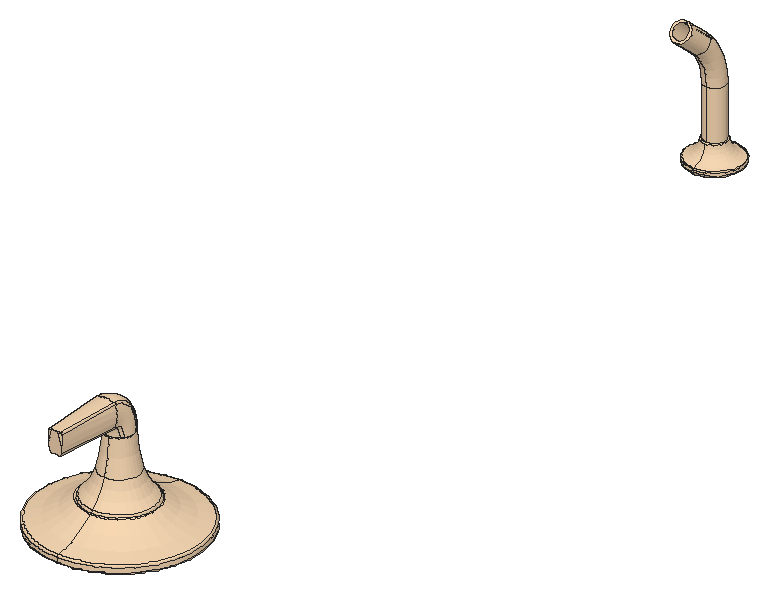
Revit family "Shower-Shower_Trim-KOHLER-Tempered-K-TLS22029", category Plumbing Fixtures, host Face, Revit 2022
Family settings
  Host = Face
  Round Connector Dimension = Use Diameter
  Part Type = Normal
  OmniClass Number = 23.31.17.00
  OmniClass Title = Showers
  Cut with Voids When Loaded = No
  Maintain Annotation Orientation = No
  Shared = No
  Room Calculation Point = No
Parameters (values of type "2MB-Vibrant Brushed Moderne Brass")
  Width = 6.25984"  # constant formula
  WaterSense Certified = 1 = 0  # no
  Waste Water Outlet = "Waste Water Outlet"  # constant formula
  Waste Connection = 1 = 0  # no
  Vent Connection = 1 = 0  # no
  URL = "https://www.us.kohler.com/us/"
  Type = 1
  Tempered Water Inlet = "Tempered Water Inlet"  # constant formula
  Product Page URL = "https://www.us.kohler.com/us/catalog/productDetails.jsp?productId=TLS22029-4"
  Product Name = "Tempered"  # constant formula
  Product Documentation Link = "https://www.us.kohler.com/webassets/kpna/catalog/pdf/en/K-TLS22029-4_spec_US-CA_Kohler_en.pdf"
  Pressure = 0.00 psi
  Model = if(Type = 1, "K-TLS22029-4-2MB", if(Type = 2, "K-TLS22029-4-BL", if(Type = 3, "K-TLS22029-4-BN", if(Type = 4, "K-TLS22029-4-CP", if(Type = 5, "K-TLS22029-4-SN", " NA ")))))  # "K-TLS22029-4-2MB"
  Material = "Premium Metal Construction"  # constant formula
  Master Format 2014 Name = "Residential Showers"  # constant formula
  Master Format 2014 = "22 42 23"  # constant formula
  Manufacturer Address = "444 Highland Dr, Kohler, WI 53044"  # constant formula
  Manufacturer = "Kohler Co."  # constant formula
  Length = 5.3937"  # constant formula
  Hot Water Inlet = "Hot Water Inlet"  # constant formula
  Height = 6.25984"  # constant formula
  Handle Clearance = 3.26772"  # constant formula
  HW Connection = 1 = 1  # yes
  Flow Rate = 0 GPM
  Finish = Kohler-Metal-2MB-Vibrant_Brushed_Moderne_Brass
  Environmental Product Declaration = ""
  Drain Included = 1 = 0  # no
  Distance To Showerarm [instance] = 30"
  Description = "Rite-Temp shower trim set, less showerhead"  # constant formula
  Default Elevation = 42"
  Declare Label = ""
  Date Modified = "04/15/2022"  # constant formula
  Date Created = "04/15/2022"  # constant formula
  Copyright = "Copyright Kohler Co."  # constant formula
  Contact Us = "https://www.us.kohler.com/us/static/contact.jsp"
  Cold Water Inlet = "Cold Water Inlet"  # constant formula
  CW Connection = 1 = 0  # no
  Assembly Code = "D2010700"
  ADA Compliant = 1 = 0  # no
Types (6): name | Type | Model | Finish
  (no name) | 1 | "K-TLS22029-4-2MB" | Kohler-Metal-2MB-Vibrant_Brushed_Moderne_Brass
  CP-Polished Chrome | 4 | "K-TLS22029-4-CP" | Kohler-Metal-CP-Polished_Chrome
  SN-Vibrant Polished Nickel | 5 | "K-TLS22029-4-SN" | Kohler-Metal-SN-Vibrant_Polished_Nickel
  BN-Vibrant Brushed Nickel | 3 | "K-TLS22029-4-BN" | Kohler-Metal-BN-Vibrant_Brushed_Nickel
  BL-Matte Black | 2 | "K-TLS22029-4-BL" | Kohler-Metal-BL-Matte_Black
  2MB-Vibrant Brushed Moderne Brass | 1 | "K-TLS22029-4-2MB" | Kohler-Metal-2MB-Vibrant_Brushed_Moderne_Brass
Reference planes (in)
  plane 1 "Center (Front/Back)": y = 0
  plane 2: z = 0
  plane 3 "Center (Left/Right)": x = 0
  plane 4: y = -30
  plane 5: x = 3.12992
  plane 6: x = -3.12992
  plane 7: y = -33.26772
  plane 8: y = -26.87008
  plane 9: x = -1.06299
  plane 10: x = 1.06299
  plane 11: y = 1.06299
  plane 12: y = -1.06299
  plane 13: y = -1.69291
  plane 14: z = 5.3937
  plane 15: z = 4.92126
  plane 16: y = -33.12992
  plane 17: z = 5.69823
  plane 18: z = 5.08917
Dimensions and locks (in)
  plane 12 to plane 1 "Center (Front/Back)" to plane 11 = 1.06299", 1.06299"
  plane 13 to plane 1 "Center (Front/Back)" = 1.69291"
  plane 16 to plane 4 to plane 8 = 3.12992", 3.12992"
  plane 7 to plane 4 = 3.26772"
  "Distance To Showerarm": plane 4 to plane 1 "Center (Front/Back)"
  "Width": plane 6 to plane 5
  "Length": plane 14 to level
  "Height": plane 16 to plane 8
  "Handle Clearance": plane 4 to plane 7
  plane 15 to level = 4.92126"
  aligned and locked: plane 2 to host face
  aligned and locked: level to host face
  aligned and locked: plane 4 to nested 1
  aligned and locked: plane 3 "Center (Left/Right)" to nested 1
  aligned and locked: plane 1 "Center (Front/Back)" to nested 2
  aligned and locked: plane 3 "Center (Left/Right)" to nested 2
Automatic sketch dimensions
  host sketch curve to host sketch curve = 96"  (x2)
Nested families (in)
  nested 1: "K-TLS22029_Valve_Trim" at (0, -30, 0), type "K-TLS22029_Valve_Trim"
  nested 2: "K-TLS22029_Showerarm" at (0, 0, 0), type "K-TLS22029_Showerarm"
Connectors (in)
  piping at (0, 0, 0), diameter 0.5, driven by "Tempered Water Inlet", driven by "HW Connection"
    settings: on nested 2, index 1, connector inside diameter 24", connector length 0", flow factor 0, pipe flow 0 GPM, pressure drop 0.00 psi, fitting loss kfactor 0, connector angle 0.00°, fixture units 0, engagement length 0", angle of deflection 0.00°, flow configuration 0, flow direction 1, fitting loss method 0, system type 19, joint type 0, gender type 0, connector reference index -1, connector utility 1, adjustable connector no, is connector primary yes, connector description "Tempered Water Inlet"
Definition of nested family "K-TLS22029_Valve_Trim"
  Parameters (values of type "K-TLS22029_Valve_Trim")
    Material = none
    Default Elevation = 0"
  Reference planes (in)
    plane 1 "Center (Front/Back)": y = 0
    plane 2: z = 0
    plane 3 "Center (Left/Right)": x = 0
    plane 4: y = -3.26772
    plane 5: z = 4.92126
    plane 6: y = -3.12992
    plane 7: y = 3.12992
    plane 8: x = -3.12992
    plane 9: x = 3.12992
  Forms (in)
    Revolve 1, solid, material <- "Material", detail levels medium+fine
      sketch origin (0, 0, 0) x (0, 1, 0) y (0, 0, 1)
        loop
          line (0, 0) -> (3.11024, 0)
          arc (3.11024, 0) -> (3.12416, 0.00577) -> (3.12992, 0.01969) r 0.01969
          line (3.12992, 0.01969) -> (3.12992, 0.21063)
          arc (3.12992, 0.21063) -> (3.11092, 0.26192) -> (3.0631, 0.28846) r 0.07874
          arc (3.0631, 0.28846) -> (2.20079, 0.54517) -> (1.44047, 1.0262) r 3.28499
          arc (1.44047, 1.0262) -> (1.40887, 1.03643) -> (1.37918, 1.02155) r 0.04383
          arc (1.37918, 1.02155) -> (1.3632, 1.07828) -> (1.3282, 1.12569) r 0.16393
          arc (1.3282, 1.12569) -> (0.97785, 1.55874) -> (0.75714, 2.07019) r 2.04804
          arc (0.75714, 2.07019) -> (0.60927, 2.75077) -> (0.53984, 3.44376) r 6.10809
          arc (0.53984, 3.44376) -> (0.5311, 3.46309) -> (0.51142, 3.471) r 0.02845
          line (0.51142, 3.471) -> (0.40982, 3.471) -> (0.40982, 3.50213) -> (0, 3.50213) -> (0, 0)
        axis (0, 3.50213) -> (0, 0)
      angle from 0 to 360
    SweptBlend 2, solid, material <- "Material", detail levels medium+fine
      path origin (0, 0, 0) x (0, 1, 0) y (0, 0, 1)
        loop
          spline (0, 3.48195) -> (-0.00493, 3.6178) -> (-0.01963, 3.74353) -> (-0.04398, 3.85881) -> (-0.07787, 3.96334) -> (-0.12116, 4.05677) -> (-0.17374, 4.1388) -> (-0.23548, 4.2091) -> (-0.30627, 4.26733) -> (-0.38597, 4.31319) -> (-0.47447, 4.34635) -> (-0.57164, 4.36648) -> (-0.67737, 4.37326)
      profile origin (0, 0, 3.48195) x (0, -1, 0) y (1, 0, 0)
        loop
          arc (-0.30517, -0.44397) -> (-0.25394, -0.47513) -> (-0.19957, -0.50041) r 0.53874
          arc (-0.19957, -0.50041) -> (0.05317, -0.53611) -> (0.29397, -0.45146) r 0.53874
          arc (0.29397, -0.45146) -> (0.35456, -0.40562) -> (0.40809, -0.35171) r 0.53874
          arc (0.40809, -0.35171) -> (0.5387, 0.00614) -> (0.39997, 0.36092) r 0.53874
          arc (0.39997, 0.36092) -> (0.35064, 0.40901) -> (0.29557, 0.45042) r 0.53874
          arc (0.29557, 0.45042) -> (0.06109, 0.53526) -> (-0.18648, 0.50543) r 0.53874
          arc (-0.18648, 0.50543) -> (-0.23201, 0.48622) -> (-0.27559, 0.46291) r 0.53874
          arc (-0.27559, 0.46291) -> (-0.53845, 0.01756) -> (-0.30517, -0.44397) r 0.53874
      end profile origin (0, -0.67737, 4.37326) x (0, 0, -1) y (1, 0, 0)
        loop
          arc (0.43755, -0.35872) -> (0.48248, -0.32842) -> (0.50915, -0.28124) r 0.11811
          arc (0.50915, -0.28124) -> (0.54892, 0.00069) -> (0.50757, 0.28241) r 0.99932
          arc (0.50757, 0.28241) -> (0.48081, 0.32924) -> (0.43602, 0.35929) r 0.11811
          arc (0.43602, 0.35929) -> (0.00484, 0.44326) -> (-0.42987, 0.38016) r 1.31174
          arc (-0.42987, 0.38016) -> (-0.46143, 0.36083) -> (-0.48068, 0.32922) r 0.07874
          arc (-0.48068, 0.32922) -> (-0.53307, 0.00175) -> (-0.48579, -0.3265) r 1.10337
          arc (-0.48579, -0.3265) -> (-0.46673, -0.35874) -> (-0.43493, -0.37852) r 0.07874
          arc (-0.43493, -0.37852) -> (0.00301, -0.4433) -> (0.43755, -0.35872) r 1.31174
    Blend 3, solid, material <- "Material", detail levels medium+fine
      base sketch origin (0, 0, 0) x (1, 0, 0) y (0, 0, 1)
        loop
          arc (-0.37987, 4.80404) -> (-0.44347, 4.37933) -> (-0.36651, 3.95683) r 1.31179
          arc (-0.36651, 3.95683) -> (-0.32481, 3.89406) -> (-0.25872, 3.85784) r 0.15748
          arc (-0.25872, 3.85784) -> (0.00076, 3.82433) -> (0.26005, 3.85933) r 0.99933
          arc (0.26005, 3.85933) -> (0.32566, 3.89568) -> (0.36702, 3.95826) r 0.15748
          arc (0.36702, 3.95826) -> (0.44348, 4.37961) -> (0.38016, 4.80313) r 1.31179
          arc (0.38016, 4.80313) -> (0.36083, 4.83469) -> (0.32922, 4.85393) r 0.07874
          arc (0.32922, 4.85393) -> (0.00396, 4.90631) -> (-0.32227, 4.86032) r 1.10337
          arc (-0.32227, 4.86032) -> (-0.35801, 4.83929) -> (-0.37987, 4.80404) r 0.08655
      top sketch origin (0, 0, 0) x (1, 0, 0) y (0, 0, 1)
        loop
          line (-0.24975, 4.76708) -> (-0.21539, 4.1115)
          arc (-0.21539, 4.1115) -> (-0.17734, 4.03411) -> (-0.09508, 4.00822) r 0.10956
          arc (-0.09508, 4.00822) -> (-0.0031, 4.01222) -> (0.08874, 4.00588) r 0.81887
          arc (0.08874, 4.00588) -> (0.17324, 4.03069) -> (0.21259, 4.10948) r 0.11024
          line (0.21259, 4.10948) -> (0.24707, 4.76733)
          arc (0.24707, 4.76733) -> (0.22461, 4.82663) -> (0.16573, 4.85014) r 0.07874
          arc (0.16573, 4.85014) -> (-0.00139, 4.8472) -> (-0.16852, 4.8499) r 4.95676
          arc (-0.16852, 4.8499) -> (-0.22733, 4.82634) -> (-0.24975, 4.76708) r 0.07874
      from 0.67737 to 3.88779
    Extrusion 4, void
      sketch origin (0, 0, 0) x (1, 0, 0) y (0, 1, 0)
        loop
          line (-1.3469, -3.97535) -> (1.01531, -3.97535) -> (1.01531, -3.1194) -> (0.4872, -3.1194)
          arc (0.4872, -3.1194) -> (-0.00493, -3.26773) -> (-0.49705, -3.1194) r 0.89053
          line (-0.49705, -3.1194) -> (-1.3469, -3.1194) -> (-1.3469, -3.97535)
      from 2.16678 to 6.33154
    Revolve 5, solid, material <- "Material", detail levels coarse
      sketch origin (0, 0, 0) x (0, 1, 0) y (0, 0, 1)
        loop
          line (0, 0) -> (3.12992, 0) -> (3.12992, 0.31954) -> (1.45648, 1.0646) -> (0.54867, 3.44296) -> (0.54867, 4.92126) -> (0, 4.92126) -> (0, 0)
        axis (0, 4.92126) -> (0, 0)
      angle from 0 to 360
    Blend 6, solid, material <- "Material", detail levels coarse
      base sketch origin (0, 0, 0) x (1, 0, 0) y (0, 0, 1)
        loop
          line (-0.48314, 4.92126) -> (-0.48314, 3.81195) -> (0.50946, 3.81195) -> (0.50946, 4.92126) -> (-0.48314, 4.92126)
      top sketch origin (0, 0, 0) x (1, 0, 0) y (0, 0, 1)
        loop
          line (-0.28161, 4.8722) -> (-0.28161, 3.96659) -> (0.30894, 3.96659) -> (0.30894, 4.8722) -> (-0.28161, 4.8722)
      from 0.03601 to 3.26772
    Extrusion 7, void
      sketch origin (0, 0, 0) x (0, 1, 0) y (0, 0, 1)
        loop
          line (-3.26379, 4.92126) -> (-3.56326, 4.92126) -> (-3.56326, 3.41374) -> (-3.15662, 3.41374) -> (-3.26379, 4.92126)
      from -0.46457 to 0.90244
  Cuts and joins
    Extrusion 4, Extrusion 7 cuts Blend 3
    joined: Revolve 1, SweptBlend 2
  Lines and regions (in)
    Masking region 1
      outline origin (0, 0, 0) x (1, 0, 0) y (0, 1, 0)
        loop
          arc (0.28243, -3.11643) -> (-0.00239, 3.12992) -> (-0.2872, -3.11643) r 3.12967
          line (-0.2872, -3.11643) -> (-0.28302, -3.17894)
          arc (-0.28302, -3.17894) -> (-0.269, -3.21465) -> (-0.23697, -3.23574) r 0.06341
          arc (-0.23697, -3.23574) -> (-0.01687, -3.26816) -> (0.20424, -3.2435) r 0.86683
          arc (0.20424, -3.2435) -> (0.25768, -3.21004) -> (0.2806, -3.1513) r 0.10032
          line (0.2806, -3.1513) -> (0.28243, -3.11643)
    Masking region 2
      outline origin (0, 0, 0) x (1, 0, 0) y (0, 0, 1)
        loop
          line (-3.11024, 0) -> (3.10714, 0)
          arc (3.10714, 0) -> (3.12325, 0.00667) -> (3.12992, 0.02278) r 0.02278
          line (3.12992, 0.02278) -> (3.12992, 0.20988)
          arc (3.12992, 0.20988) -> (3.1113, 0.26036) -> (3.06436, 0.28665) r 0.07773
          arc (3.06436, 0.28665) -> (2.22155, 0.54026) -> (1.47707, 1.00973) r 3.26579
          arc (1.47707, 1.00973) -> (1.4331, 1.03294) -> (1.38348, 1.036) r 0.11811
          arc (1.38348, 1.036) -> (1.34905, 1.10744) -> (1.29369, 1.16423) r 0.24616
          arc (1.29369, 1.16423) -> (0.96138, 1.62173) -> (0.74219, 2.14298) r 2.46237
          arc (0.74219, 2.14298) -> (0.59943, 2.78786) -> (0.5416, 3.44583) r 5.07618
          arc (0.5416, 3.44583) -> (0.53385, 3.46366) -> (0.51585, 3.471) r 0.02575
          line (0.51585, 3.471) -> (0.40982, 3.471) -> (0.40982, 3.50213) -> (0.52028, 3.50213)
          arc (0.52028, 3.50213) -> (0.53444, 3.50814) -> (0.53995, 3.52251) r 0.01969
          arc (0.53995, 3.52251) -> (0.50529, 4.02866) -> (0.43704, 4.53139) r 7.62285
          arc (0.43704, 4.53139) -> (0.41826, 4.6583) -> (0.39311, 4.7841) r 2.54791
          arc (0.39311, 4.7841) -> (0.37042, 4.82749) -> (0.32922, 4.85393) r 0.0955
          arc (0.32922, 4.85393) -> (-0.00686, 4.92129) -> (-0.34293, 4.85393) r 0.87213
          arc (-0.34293, 4.85393) -> (-0.37511, 4.82411) -> (-0.39311, 4.7841) r 0.11027
          arc (-0.39311, 4.7841) -> (-0.41826, 4.6583) -> (-0.43704, 4.53139) r 2.54791
          arc (-0.43704, 4.53139) -> (-0.50529, 4.02866) -> (-0.53995, 3.52251) r 7.62285
          arc (-0.53995, 3.52251) -> (-0.53444, 3.50814) -> (-0.52028, 3.50213) r 0.01969
          line (-0.52028, 3.50213) -> (-0.40982, 3.50213) -> (-0.40982, 3.471) -> (-0.51585, 3.471)
          arc (-0.51585, 3.471) -> (-0.53385, 3.46366) -> (-0.5416, 3.44583) r 0.02575
          arc (-0.5416, 3.44583) -> (-0.59943, 2.78786) -> (-0.74219, 2.14298) r 5.07618
          arc (-0.74219, 2.14298) -> (-0.96138, 1.62173) -> (-1.29369, 1.16423) r 2.46237
          arc (-1.29369, 1.16423) -> (-1.34905, 1.10744) -> (-1.38348, 1.036) r 0.24616
          arc (-1.38348, 1.036) -> (-1.4331, 1.03294) -> (-1.47707, 1.00973) r 0.11811
          arc (-1.47707, 1.00973) -> (-2.22155, 0.54026) -> (-3.06436, 0.28665) r 3.26579
          arc (-3.06436, 0.28665) -> (-3.1113, 0.26036) -> (-3.12992, 0.20988) r 0.07773
          line (-3.12992, 0.20988) -> (-3.12992, 0.01969)
          arc (-3.12992, 0.01969) -> (-3.12416, 0.00577) -> (-3.11024, 0) r 0.01969
    Masking region 3
      outline origin (0, 0, 0) x (0, 1, 0) y (0, 0, 1)
        loop
          arc (3.11024, 0) -> (3.12416, 0.00577) -> (3.12992, 0.01969) r 0.01969
          line (3.12992, 0.01969) -> (3.12992, 0.19717)
          arc (3.12992, 0.19717) -> (3.10086, 0.27476) -> (3.02798, 0.31416) r 0.11811
          arc (3.02798, 0.31416) -> (2.19178, 0.55414) -> (1.45648, 1.01905) r 3.06974
          arc (1.45648, 1.01905) -> (1.43981, 1.02995) -> (1.42094, 1.03633) r 0.07874
          line (1.42094, 1.03633) -> (1.37926, 1.03633)
          arc (1.37926, 1.03633) -> (1.36122, 1.08615) -> (1.3281, 1.12752) r 0.16238
          arc (1.3281, 1.12752) -> (0.86704, 1.80421) -> (0.64503, 2.59237) r 2.54202
          arc (0.64503, 2.59237) -> (0.58069, 3.01296) -> (0.54867, 3.43724) r 5.56616
          arc (0.54867, 3.43724) -> (0.53806, 3.46099) -> (0.51394, 3.47071) r 0.03476
          line (0.51394, 3.47071) -> (0.40982, 3.47071) -> (0.40982, 3.50317) -> (0.51737, 3.50317)
          arc (0.51737, 3.50317) -> (0.53176, 3.50943) -> (0.537, 3.52422) r 0.01969
          line (0.537, 3.52422) -> (0.52037, 3.76256)
          arc (0.52037, 3.76256) -> (0.42601, 4.27171) -> (0.14664, 4.70771) r 1.34774
          arc (0.14664, 4.70771) -> (-0.01257, 4.82724) -> (-0.20176, 4.88925) r 0.61105
          arc (-0.20176, 4.88925) -> (-0.43888, 4.9155) -> (-0.67737, 4.92138) r 2.78742
          line (-0.67737, 4.92138) -> (-3.19041, 4.87573)
          arc (-3.19041, 4.87573) -> (-3.24729, 4.84991) -> (-3.26747, 4.79079) r 0.07874
          line (-3.26747, 4.79079) -> (-3.20685, 4.02508)
          arc (-3.20685, 4.02508) -> (-3.18329, 3.97488) -> (-3.13248, 3.95266) r 0.07874
          line (-3.13248, 3.95266) -> (-0.64068, 3.82207)
          arc (-0.64068, 3.82207) -> (-0.56939, 3.78921) -> (-0.5403, 3.71629) r 0.10592
          line (-0.5403, 3.71629) -> (-0.5403, 3.52332)
          arc (-0.5403, 3.52332) -> (-0.53454, 3.5094) -> (-0.52062, 3.50364) r 0.01969
          line (-0.52062, 3.50364) -> (-0.40933, 3.50364) -> (-0.40933, 3.47071) -> (-0.51394, 3.47071)
          arc (-0.51394, 3.47071) -> (-0.53806, 3.46099) -> (-0.54867, 3.43724) r 0.03476
          arc (-0.54867, 3.43724) -> (-0.58069, 3.01296) -> (-0.64503, 2.59237) r 5.56616
          arc (-0.64503, 2.59237) -> (-0.86704, 1.80421) -> (-1.3281, 1.12752) r 2.54202
          arc (-1.3281, 1.12752) -> (-1.36122, 1.08615) -> (-1.37926, 1.03633) r 0.16238
          line (-1.37926, 1.03633) -> (-1.42094, 1.03633)
          arc (-1.42094, 1.03633) -> (-1.43981, 1.02995) -> (-1.45648, 1.01905) r 0.07874
          arc (-1.45648, 1.01905) -> (-2.19178, 0.55414) -> (-3.02798, 0.31416) r 3.06974
          arc (-3.02798, 0.31416) -> (-3.10086, 0.27476) -> (-3.12992, 0.19717) r 0.11811
          line (-3.12992, 0.19717) -> (-3.12992, 0.01969)
          arc (-3.12992, 0.01969) -> (-3.12416, 0.00577) -> (-3.11024, 0) r 0.01969
          line (-3.11024, 0) -> (3.11024, 0)
    symbolic lines, detail levels medium+fine
      curve 1: arc (-0.40247, -1.31914, 0) -> (0.00067, 1.37917, 0) -> (0.40119, -1.31953, 0) r 1.37918
      curve 2: line (-0.2872, -3.11643, 0) -> (-0.4702, -0.26324, 0)
      curve 3: line (0.28243, -3.11643, 0) -> (0.47114, -0.26128, 0)
      curve 4: arc (-0.11004, 0.52738, 0) -> (0.4337, 0.3196, 0) -> (0.47114, -0.26128, 0) r 0.53874
      curve 5: arc (-0.4702, -0.26324, 0) -> (-0.49034, 0.22328, 0) -> (-0.11004, 0.52738, 0) r 0.53884
      curve 6: line (-0.40982, 0, 3.471) -> (0.40982, 0, 3.471)
      curve 7: line (-0.40982, 0, 3.50213) -> (0.40982, 0, 3.50213)
      curve 8: line (0.5416, 0, 3.44583) -> (-0.5416, 0, 3.44583)
      curve 9: line (1.38348, 0, 1.036) -> (-1.37243, 0, 1.036)
      curve 10: line (3.06436, 0, 0.28665) -> (-3.06436, 0, 0.28665)
      curve 11: line (1.47707, 0, 1.00973) -> (-1.47707, 0, 1.00973)
      curve 12: arc (0.37502, 0, 3.9813) -> (0.43538, 0, 4.25304) -> (0.43704, 0, 4.53139) r 1.31179
      curve 13: arc (-0.23371, 0, 3.85154) -> (0.00083, 0, 3.82433) -> (0.23521, 0, 3.85292) r 0.99933
      curve 14: arc (-0.41045, 0, 4.69321) -> (-0.44198, 0, 4.33412) -> (-0.37458, 0, 3.98) r 1.31179
      curve 15: spline (0.2448, 0, 4.08382) -> (0.24277, 0, 4.06895) -> (0.23885, 0, 4.05449) -> (0.23311, 0, 4.04068) -> (0.22565, 0, 4.02775) -> (0.21659, 0, 4.01591) -> (0.20608, 0, 4.00537) -> (0.1943, 0, 3.99629) -> (0.18143, 0, 3.98883) -> (0.1677, 0, 3.98311) -> (0.15334, 0, 3.97922) -> (0.13857, 0, 3.97724) -> (0.12365, 0, 3.97719)
      curve 16: spline (0.27485, 0, 4.7696) -> (0.27674, 0, 4.71235) -> (0.27782, 0, 4.65508) -> (0.27811, 0, 4.5978) -> (0.2776, 0, 4.54053) -> (0.27629, 0, 4.48326) -> (0.27418, 0, 4.42603) -> (0.27127, 0, 4.36883) -> (0.26757, 0, 4.31168) -> (0.26307, 0, 4.25459) -> (0.25778, 0, 4.19758) -> (0.25168, 0, 4.14065) -> (0.2448, 0, 4.08382)
      curve 17: spline (0.20133, 0, 4.85069) -> (0.21123, 0, 4.84977) -> (0.22092, 0, 4.8475) -> (0.23025, 0, 4.84393) -> (0.23903, 0, 4.83912) -> (0.24714, 0, 4.83315) -> (0.25441, 0, 4.82612) -> (0.26073, 0, 4.81815) -> (0.26599, 0, 4.80939) -> (0.27009, 0, 4.79999) -> (0.27296, 0, 4.79011) -> (0.27456, 0, 4.77992) -> (0.27485, 0, 4.7696)
      curve 18: spline (-0.20217, 0, 4.85177) -> (-0.169, 0, 4.85394) -> (-0.13556, 0, 4.8557) -> (-0.10192, 0, 4.85705) -> (-0.06812, 0, 4.858) -> (-0.03422, 0, 4.85852) -> (-0.00028, 0, 4.85864) -> (0.03366, 0, 4.85834) -> (0.06753, 0, 4.85763) -> (0.10129, 0, 4.85651) -> (0.13488, 0, 4.85497) -> (0.16825, 0, 4.85303) -> (0.20133, 0, 4.85069)
      curve 19: spline (-0.27677, 0, 4.77036) -> (-0.27646, 0, 4.78072) -> (-0.27484, 0, 4.79094) -> (-0.27192, 0, 4.80084) -> (-0.26777, 0, 4.81026) -> (-0.26245, 0, 4.81903) -> (-0.25606, 0, 4.827) -> (-0.24869, 0, 4.83404) -> (-0.24048, 0, 4.84004) -> (-0.23157, 0, 4.84488) -> (-0.22211, 0, 4.84849) -> (-0.21225, 0, 4.8508) -> (-0.20217, 0, 4.85177)
      curve 20: spline (-0.24695, 0, 4.0863) -> (-0.25377, 0, 4.14298) -> (-0.2598, 0, 4.19977) -> (-0.26505, 0, 4.25664) -> (-0.26951, 0, 4.31359) -> (-0.27319, 0, 4.37059) -> (-0.27607, 0, 4.42765) -> (-0.27816, 0, 4.48474) -> (-0.27947, 0, 4.54186) -> (-0.27998, 0, 4.599) -> (-0.2797, 0, 4.65613) -> (-0.27863, 0, 4.71326) -> (-0.27677, 0, 4.77036)
      curve 21: spline (-0.12868, 0, 3.97885) -> (-0.14327, 0, 3.9792) -> (-0.15769, 0, 3.98145) -> (-0.1717, 0, 3.98555) -> (-0.18509, 0, 3.99145) -> (-0.19763, 0, 3.99904) -> (-0.20911, 0, 4.0082) -> (-0.21935, 0, 4.01878) -> (-0.22819, 0, 4.0306) -> (-0.23547, 0, 4.04349) -> (-0.24108, 0, 4.05721) -> (-0.24492, 0, 4.07156) -> (-0.24695, 0, 4.0863)
      curve 22: spline (0.12365, 0, 3.97719) -> (0.10274, 0, 3.97669) -> (0.08177, 0, 3.97631) -> (0.06074, 0, 3.97604) -> (0.03968, 0, 3.97589) -> (0.0186, 0, 3.97585) -> (-0.0025, 0, 3.97593) -> (-0.02361, 0, 3.97613) -> (-0.04469, 0, 3.97644) -> (-0.06576, 0, 3.97687) -> (-0.08679, 0, 3.97741) -> (-0.10777, 0, 3.97807) -> (-0.12868, 0, 3.97885)
      curve 23: arc (0.23521, 0, 3.85292) -> (0.32161, 0, 3.89915) -> (0.37502, 0, 3.9813) r 0.19685
      curve 24: arc (-0.37458, 0, 3.98) -> (-0.32073, 0, 3.89758) -> (-0.23371, 0, 3.85154) r 0.19685
      curve 25: line (0, 3.02798, 0.31416) -> (0, -3.02798, 0.31416)
      curve 26: line (0, 1.42094, 1.03633) -> (0, -1.37926, 1.03633)
      curve 27: line (0, 1.45648, 1.01905) -> (0, -1.45648, 1.01905)
      curve 28: line (0, 0.40982, 3.50317) -> (0, -0.40924, 3.50317)
      curve 29: line (0, 0.40982, 3.47071) -> (0, -0.40933, 3.47071)
      curve 30: line (0, 0.54867, 3.43724) -> (0, -0.54867, 3.43724)
      curve 31: line (0, -0.67737, 4.90636) -> (0, -0.67737, 3.82433)
      curve 32: line (-1.42776, 1.96733, 0) -> (-1.22247, 1.67414, 0)
      curve 33: line (-1.36036, 2.01453, 0) -> (-1.15507, 1.72133, 0)
      curve 34: arc (-1.42776, 1.96733, 0) -> (-1.41766, 2.02463, 0) -> (-1.36036, 2.01453, 0) r 0.04114
      curve 35: arc (-1.22247, 1.67414, 0) -> (-1.16517, 1.66403, 0) -> (-1.15507, 1.72133, 0) r 0.04114
      curve 36: line (-2.25334, 0.91179, 0) -> (-1.92387, 0.77194, 0)
      curve 37: line (-2.22119, 0.98753, 0) -> (-1.89172, 0.84768, 0)
      curve 38: arc (-2.25334, 0.91179, 0) -> (-2.27514, 0.96574, 0) -> (-2.22119, 0.98753, 0) r 0.04114
      curve 39: arc (-1.92387, 0.77194, 0) -> (-1.86992, 0.79374, 0) -> (-1.89172, 0.84768, 0) r 0.04114
      curve 40: line (-2.43048, -0.04114, 0) -> (-2.07255, -0.04114, 0)
      curve 41: line (-2.43048, 0.04114, 0) -> (-2.07255, 0.04114, 0)
      curve 42: arc (-2.43048, -0.04114, 0) -> (-2.47162, 0, 0) -> (-2.43048, 0.04114, 0) r 0.04114
      curve 43: arc (-2.07255, -0.04114, 0) -> (-2.03141, 0, 0) -> (-2.07255, 0.04114, 0) r 0.04114
      curve 44: line (-1.42776, -1.96733, 0) -> (-1.22247, -1.67414, 0)
      curve 45: line (-1.36036, -2.01453, 0) -> (-1.15507, -1.72133, 0)
      curve 46: arc (-1.42776, -1.96733, 0) -> (-1.41766, -2.02463, 0) -> (-1.36036, -2.01453, 0) r 0.04114
      curve 47: arc (-1.22247, -1.67414, 0) -> (-1.16517, -1.66403, 0) -> (-1.15507, -1.72133, 0) r 0.04114
      curve 48: line (-2.25334, -0.91179, 0) -> (-1.92387, -0.77194, 0)
      curve 49: line (-2.22119, -0.98753, 0) -> (-1.89172, -0.84768, 0)
      curve 50: arc (-2.25334, -0.91179, 0) -> (-2.27514, -0.96574, 0) -> (-2.22119, -0.98753, 0) r 0.04114
      curve 51: arc (-1.92387, -0.77194, 0) -> (-1.86992, -0.79374, 0) -> (-1.89172, -0.84768, 0) r 0.04114
  Dimensions and locks (in)
    aligned and locked: level to plane 2
Definition of nested family "K-TLS22029_Showerarm"
  Parameters (values of type "K-TLS22029_Showerarm")
    Material = none
    Default Elevation = 0"
  Reference planes (in)
    plane 1 "Center (Front/Back)": y = 0
    plane 2: z = 0
    plane 3 "Center (Left/Right)": x = 0
    plane 4: z = 5.3937
    plane 5: y = -1.69291
    plane 6: y = 1.06299
    plane 7: y = -1.06299
    plane 8: x = -1.06299
    plane 9: x = 1.06299
    plane 10: z = 5.69823
    plane 11: z = 5.08917
  Forms (in)
    Revolve 1, solid, material <- "Material", detail levels medium+fine
      sketch origin (0, 0, 0) x (0, 1, 0) y (0, 0, 1)
        loop
          line (0, 0) -> (0, 0.85162) -> (-0.4361, 0.85162)
          arc (-0.4361, 0.85162) -> (-0.45845, 0.84321) -> (-0.46972, 0.82215) r 0.03392
          arc (-0.46972, 0.82215) -> (-0.65624, 0.41354) -> (-1.03936, 0.17911) r 0.76809
          arc (-1.03936, 0.17911) -> (-1.05639, 0.1679) -> (-1.06299, 0.14861) r 0.0315
          line (-1.06299, 0.14861) -> (-1.06299, 0.03304)
          arc (-1.06299, 0.03304) -> (-1.05332, 0.00968) -> (-1.02995, 0) r 0.03304
          line (-1.02995, 0) -> (0, 0)
        axis (0, 0.85162) -> (0, 0)
      angle from 0 to 360
    Sweep 2, solid, material <- "Material", detail levels medium+fine
      path origin (0, 0, 0) x (0, 1, 0) y (0, 0, 1)
        loop
          line (0, 0.85162) -> (0, 2.84603)
          arc (0, 2.84603) -> (-0.21284, 3.82595) -> (-0.813, 4.62928) r 2.3622
          line (-0.813, 4.62928) -> (-1.69291, 5.3937)
      profile origin (0, -0.813, 4.62928) x (0, -0.655828, -0.75491) y (1, 0, 0)
        loop
          spline (-0.4034, 0) -> (-0.38965, -0.10441) -> (-0.34935, -0.2017) -> (-0.28524, -0.28525) -> (-0.2017, -0.34935) -> (-0.10441, -0.38965) -> (0, -0.4034) -> (0.10441, -0.38965) -> (0.2017, -0.34935) -> (0.28524, -0.28525) -> (0.34935, -0.2017) -> (0.38965, -0.10441) -> (0.4034, 0)
          spline (0.4034, 0) -> (0.38965, 0.10441) -> (0.34935, 0.2017) -> (0.28524, 0.28525) -> (0.2017, 0.34935) -> (0.10441, 0.38965) -> (0, 0.4034) -> (-0.10441, 0.38965) -> (-0.2017, 0.34935) -> (-0.28524, 0.28525) -> (-0.34935, 0.2017) -> (-0.38965, 0.10441) -> (-0.4034, 0)
    Revolve 3, solid, material <- "Material", detail levels coarse
      sketch origin (0, 0, 0) x (1, 0, 0) y (0, 0, 1)
        loop
          line (0, 0) -> (1.06299, 0) -> (1.06299, 0.17507) -> (0.52823, 0.17507) -> (0.52823, 0.85162) -> (0, 0.85162) -> (0, 0)
        axis (0, 0.85162) -> (0, 0)
      angle from 0 to 360
    Extrusion 4, solid, material <- "Material"
      sketch origin (0, 0, 0) x (1, 0, 0) y (0, 1, 0)
        loop
          circle (0, 0) r 0.09843
      from 0 to 0.04911
    Revolve 5, void
      sketch origin (0, 0, 0) x (0, 1, 0) y (0, 0, 1)
        loop
          line (-1.69291, 5.3937) -> (-1.89698, 5.1588) -> (-0.62396, 4.05287) -> (-0.4034, 4.27343) -> (-1.69291, 5.3937)
        axis (-0.4034, 4.27343) -> (-1.69291, 5.3937)
      angle from 0 to 360
    Sweep 6, solid, material <- "Material", detail levels coarse
      path origin (0, 0, 0) x (0, 1, 0) y (0, 0, 1)
        loop
          line (0.4034, 0.85162) -> (0.4034, 3.03852)
          arc (0.4034, 3.03852) -> (0.19225, 4.01063) -> (-0.40313, 4.80756) r 2.34338
          line (-0.40313, 4.80756) -> (-1.42835, 5.69823)
      profile origin (0, 0.4034, 1.94507) x (0, -1, 0) y (1, 0, 0)
        loop
          circle (0.4034, 0) r 0.4034
  Cuts and joins
    Revolve 5 cuts Sweep 2
    joined: Revolve 1, Sweep 2
  Lines and regions (in)
    Masking region 1
      outline origin (0, 0, 0) x (0, 1, 0) y (0, 0, 1)
        loop
          arc (1.04331, 0) -> (1.05723, 0.00577) -> (1.06299, 0.01969) r 0.01969
          line (1.06299, 0.01969) -> (1.06299, 0.14525)
          arc (1.06299, 0.14525) -> (1.0563, 0.16502) -> (1.03899, 0.17667) r 0.03256
          arc (1.03899, 0.17667) -> (0.65812, 0.41469) -> (0.47213, 0.8235) r 0.77847
          arc (0.47213, 0.8235) -> (0.46132, 0.8436) -> (0.43996, 0.85162) r 0.03246
          line (0.43996, 0.85162) -> (0.4034, 0.85162) -> (0.4034, 3.03852)
          arc (0.4034, 3.03852) -> (0.19225, 4.01063) -> (-0.40313, 4.80756) r 2.34338
          line (-0.40313, 4.80756) -> (-1.42835, 5.69823) -> (-1.95747, 5.08917) -> (-1.05057, 4.3013)
          arc (-1.05057, 4.3013) -> (-0.57282, 3.66183) -> (-0.4034, 2.88178) r 1.88039
          line (-0.4034, 2.88178) -> (-0.4034, 0.85162) -> (-0.43996, 0.85162)
          arc (-0.43996, 0.85162) -> (-0.46132, 0.8436) -> (-0.47213, 0.8235) r 0.03246
          arc (-0.47213, 0.8235) -> (-0.65812, 0.41469) -> (-1.03899, 0.17667) r 0.77847
          arc (-1.03899, 0.17667) -> (-1.0563, 0.16502) -> (-1.06299, 0.14525) r 0.03256
          line (-1.06299, 0.14525) -> (-1.06299, 0.01969)
          arc (-1.06299, 0.01969) -> (-1.05723, 0.00577) -> (-1.04331, 0) r 0.01969
          line (-1.04331, 0) -> (1.04331, 0)
    Masking region 2
      outline origin (0, 0, 0) x (1, 0, 0) y (0, 0, 1)
        loop
          arc (1.04331, 0) -> (1.05723, 0.00577) -> (1.06299, 0.01969) r 0.01969
          line (1.06299, 0.01969) -> (1.06299, 0.14721)
          arc (1.06299, 0.14721) -> (1.05699, 0.16481) -> (1.0415, 0.17507) r 0.0288
          arc (1.0415, 0.17507) -> (0.66021, 0.40994) -> (0.47452, 0.81746) r 0.76869
          arc (0.47452, 0.81746) -> (0.46144, 0.84187) -> (0.43553, 0.85162) r 0.03933
          line (0.43553, 0.85162) -> (0.4034, 0.85162) -> (0.4034, 3.4906)
          arc (0.4034, 3.4906) -> (0.40826, 4.02885) -> (0.4034, 4.56711) r 29.78793
          line (0.4034, 4.56711) -> (0.4034, 5.3937)
          spline (0.4034, 5.3937) -> (0.39995, 5.43345) -> (0.38965, 5.47252) -> (0.37269, 5.51024) -> (0.34935, 5.54596) -> (0.32004, 5.57909) -> (0.28525, 5.60903) -> (0.24557, 5.6353) -> (0.2017, 5.65743) -> (0.15437, 5.67505) -> (0.10441, 5.68785) -> (0.05265, 5.69562) -> (0, 5.69823)
          spline (0, 5.69823) -> (-0.05265, 5.69562) -> (-0.10441, 5.68785) -> (-0.15437, 5.67505) -> (-0.2017, 5.65743) -> (-0.24557, 5.6353) -> (-0.28525, 5.60903) -> (-0.32004, 5.57909) -> (-0.34935, 5.54596) -> (-0.37269, 5.51024) -> (-0.38965, 5.47252) -> (-0.39995, 5.43345) -> (-0.4034, 5.3937)
          line (-0.4034, 5.3937) -> (-0.4034, 4.56711)
          arc (-0.4034, 4.56711) -> (-0.40826, 4.02885) -> (-0.4034, 3.4906) r 29.78793
          line (-0.4034, 3.4906) -> (-0.4034, 0.85162) -> (-0.43553, 0.85162)
          arc (-0.43553, 0.85162) -> (-0.46144, 0.84187) -> (-0.47452, 0.81746) r 0.03933
          arc (-0.47452, 0.81746) -> (-0.66021, 0.40994) -> (-1.0415, 0.17507) r 0.76869
          arc (-1.0415, 0.17507) -> (-1.05699, 0.16481) -> (-1.06299, 0.14721) r 0.0288
          line (-1.06299, 0.14721) -> (-1.06299, 0.01969)
          arc (-1.06299, 0.01969) -> (-1.05723, 0.00577) -> (-1.04331, 0) r 0.01969
          line (-1.04331, 0) -> (1.04331, 0)
    Masking region 3
      outline origin (0, 0, 0) x (1, 0, 0) y (0, 1, 0)
        loop
          line (-0.4034, -0.99824) -> (-0.4034, -1.69291)
          spline (-0.4034, -1.69291) -> (-0.38965, -1.76139) -> (-0.34935, -1.82519) -> (-0.28524, -1.87999) -> (-0.2017, -1.92203) -> (-0.10441, -1.94846) -> (0, -1.95747) -> (0.10441, -1.94846) -> (0.2017, -1.92203) -> (0.28524, -1.87999) -> (0.34935, -1.82519) -> (0.38965, -1.76139) -> (0.4034, -1.69291)
          line (0.4034, -1.69291) -> (0.4034, -1.00309)
          arc (0.4034, -1.00309) -> (0.0124, 1.06299) -> (-0.4034, -0.99824) r 1.07127
    symbolic lines, detail levels medium+fine
      curve 1: line (0, 1.03899, 0.17667) -> (0, -1.03899, 0.17667)
      curve 2: line (0, 0.4034, 0.85162) -> (0, -0.4034, 0.85162)
      curve 3: line (1.0415, 0, 0.17507) -> (-1.0415, 0, 0.17507)
      curve 4: line (0.43553, 0, 0.85162) -> (-0.4034, 0, 0.85162)
      curve 5: line (-0.4034, -0.88539, 0) -> (-0.4034, 0, 0)
      curve 6: line (0.4034, -1.00079, 0) -> (0.4034, 0, 0)
      curve 7: arc (-0.4034, 0, 0) -> (0, 0.4034, 0) -> (0.4034, 0, 0) r 0.4034
      curve 8: arc (-0.4034, -0.30512, 0) -> (0, 0.51135, 0) -> (0.4034, -0.30512, 0) r 0.50789
      curve 9: arc (-0.4034, -0.88539, 0) -> (0, 0.9723, 0) -> (0.4034, -0.88539, 0) r 0.97264
      curve 10: line (-0.4034, -0.99586, 0) -> (-0.4034, -0.88539, 0)
      curve 11: line (0, -1.3736, 5.65066) -> (0, -1.90272, 5.0416)
      curve 12: line (0, -1.32737, 5.6105) -> (0, -1.85649, 5.00144)
      curve 13: line (0, -1.27902, 5.56849) -> (0, -1.80813, 4.95944)
      curve 14: line (0, -1.22534, 5.52186) -> (0, -1.75445, 4.9128)
      curve 15: line (0, -1.17057, 5.47428) -> (0, -1.69968, 4.86522)
      curve 16: line (0, -1.11515, 5.42613) -> (0, -1.64426, 4.81707)
      curve 17: arc (0.26372, 0, 5.5713) -> (0.1377, 0, 5.63039) -> (0, 0, 5.65066) r 0.47785
      curve 18: arc (0.4034, 0, 5.3937) -> (0.34788, 0, 5.49376) -> (0.26372, 0, 5.5713) r 0.35943
      curve 19: arc (-0.26372, 0, 5.5713) -> (-0.1377, 0, 5.63039) -> (0, 0, 5.65066) r 0.47785
      curve 20: arc (-0.4034, 0, 5.3937) -> (-0.34788, 0, 5.49376) -> (-0.26372, 0, 5.5713) r 0.35943
      curve 21: arc (0.26372, 0, 5.53193) -> (0.1377, 0, 5.59102) -> (0, 0, 5.61129) r 0.47785
      curve 22: arc (0.4034, 0, 5.35433) -> (0.34788, 0, 5.45439) -> (0.26372, 0, 5.53193) r 0.35943
      curve 23: arc (-0.26372, 0, 5.53193) -> (-0.1377, 0, 5.59102) -> (0, 0, 5.61129) r 0.47785
      curve 24: arc (-0.4034, 0, 5.35433) -> (-0.34788, 0, 5.45439) -> (-0.26372, 0, 5.53193) r 0.35943
      curve 25: arc (0.26372, 0, 5.48948) -> (0.1377, 0, 5.54857) -> (0, 0, 5.56884) r 0.47785
      curve 26: arc (0.4034, 0, 5.31188) -> (0.34788, 0, 5.41194) -> (0.26372, 0, 5.48948) r 0.35943
      curve 27: arc (-0.26372, 0, 5.48948) -> (-0.1377, 0, 5.54857) -> (0, 0, 5.56884) r 0.47785
      curve 28: arc (-0.4034, 0, 5.31188) -> (-0.34788, 0, 5.41194) -> (-0.26372, 0, 5.48948) r 0.35943
      curve 29: arc (0.26372, 0, 5.44396) -> (0.1377, 0, 5.50305) -> (0, 0, 5.52332) r 0.47785
      curve 30: arc (0.4034, 0, 5.26636) -> (0.34788, 0, 5.36642) -> (0.26372, 0, 5.44396) r 0.35943
      curve 31: arc (-0.26372, 0, 5.44396) -> (-0.1377, 0, 5.50305) -> (0, 0, 5.52332) r 0.47785
      curve 32: arc (-0.4034, 0, 5.26636) -> (-0.34788, 0, 5.36642) -> (-0.26372, 0, 5.44396) r 0.35943
      curve 33: arc (0.26372, 0, 5.39401) -> (0.1377, 0, 5.4531) -> (0, 0, 5.47337) r 0.47785
      curve 34: arc (0.4034, 0, 5.21641) -> (0.34788, 0, 5.31647) -> (0.26372, 0, 5.39401) r 0.35943
      curve 35: arc (-0.26372, 0, 5.39401) -> (-0.1377, 0, 5.4531) -> (0, 0, 5.47337) r 0.47785
      curve 36: arc (-0.4034, 0, 5.21641) -> (-0.34788, 0, 5.31647) -> (-0.26372, 0, 5.39401) r 0.35943
      curve 37: arc (0.26372, 0, 5.34677) -> (0.1377, 0, 5.40586) -> (0, 0, 5.42613) r 0.47785
      curve 38: arc (0.4034, 0, 5.16917) -> (0.34788, 0, 5.26923) -> (0.26372, 0, 5.34677) r 0.35943
      curve 39: arc (-0.26372, 0, 5.34677) -> (-0.1377, 0, 5.40586) -> (0, 0, 5.42613) r 0.47785
      curve 40: arc (-0.4034, 0, 5.16917) -> (-0.34788, 0, 5.26923) -> (-0.26372, 0, 5.34677) r 0.35943
      curve 41: spline (0.4034, -1.69291, 0) -> (0.38965, -1.62444, 0) -> (0.34935, -1.56063, 0) -> (0.28524, -1.50584, 0) -> (0.2017, -1.4638, 0) -> (0.10441, -1.43737, 0) -> (0, -1.42836, 0) -> (-0.10441, -1.43737, 0) -> (-0.2017, -1.4638, 0) -> (-0.28524, -1.50584, 0) -> (-0.34935, -1.56063, 0) -> (-0.38965, -1.62444, 0) -> (-0.4034, -1.69291, 0)
      curve 42: spline (0, -1.48885, 0) -> (0.08053, -1.4958, 0) -> (0.15558, -1.51619, 0) -> (0.22002, -1.54862, 0) -> (0.26947, -1.59088, 0) -> (0.30056, -1.6401, 0) -> (0.31116, -1.69291, 0) -> (0.30056, -1.74573, 0) -> (0.26947, -1.79495, 0) -> (0.22002, -1.83721, 0) -> (0.15558, -1.86964, 0) -> (0.08053, -1.89003, 0) -> (0, -1.89698, 0)
      curve 43: spline (0, -1.89698, 0) -> (-0.08053, -1.89003, 0) -> (-0.15558, -1.86964, 0) -> (-0.22002, -1.83721, 0) -> (-0.26947, -1.79495, 0) -> (-0.30056, -1.74573, 0) -> (-0.31116, -1.69291, 0) -> (-0.30056, -1.6401, 0) -> (-0.26947, -1.59088, 0) -> (-0.22002, -1.54862, 0) -> (-0.15558, -1.51619, 0) -> (-0.08053, -1.4958, 0) -> (0, -1.48885, 0)
      curve 44: arc (-0.24061, -1.42257, 0) -> (-0.12277, -1.38597, 0) -> (0, -1.3736, 0) r 0.61551
      curve 45: arc (-0.4034, -1.5756, 0) -> (-0.33564, -1.48458, 0) -> (-0.24061, -1.42257, 0) r 0.32323
      curve 46: arc (0.24061, -1.42257, 0) -> (0.12277, -1.38597, 0) -> (0, -1.3736, 0) r 0.61551
      curve 47: arc (0.4034, -1.5756, 0) -> (0.33564, -1.48458, 0) -> (0.24061, -1.42257, 0) r 0.32323
      curve 48: arc (-0.24061, -1.37312, 0) -> (-0.12277, -1.33651, 0) -> (0, -1.32414, 0) r 0.61551
      curve 49: arc (-0.4034, -1.52615, 0) -> (-0.33564, -1.43512, 0) -> (-0.24061, -1.37312, 0) r 0.32323
      curve 50: arc (0.24061, -1.37312, 0) -> (0.12277, -1.33651, 0) -> (0, -1.32414, 0) r 0.61551
      curve 51: arc (0.4034, -1.52615, 0) -> (0.33564, -1.43512, 0) -> (0.24061, -1.37312, 0) r 0.32323
      curve 52: arc (-0.24061, -1.32366, 0) -> (-0.12277, -1.28705, 0) -> (0, -1.27468, 0) r 0.61551
      curve 53: arc (-0.4034, -1.47669, 0) -> (-0.33564, -1.38566, 0) -> (-0.24061, -1.32366, 0) r 0.32323
      curve 54: arc (0.24061, -1.32366, 0) -> (0.12277, -1.28705, 0) -> (0, -1.27468, 0) r 0.61551
      curve 55: arc (0.4034, -1.47669, 0) -> (0.33564, -1.38566, 0) -> (0.24061, -1.32366, 0) r 0.32323
      curve 56: arc (-0.24061, -1.26805, 0) -> (-0.12277, -1.23144, 0) -> (0, -1.21907, 0) r 0.61551
      curve 57: arc (-0.4034, -1.42108, 0) -> (-0.33564, -1.33005, 0) -> (-0.24061, -1.26805, 0) r 0.32323
      curve 58: arc (0.24061, -1.26805, 0) -> (0.12277, -1.23144, 0) -> (0, -1.21907, 0) r 0.61551
      curve 59: arc (0.4034, -1.42108, 0) -> (0.33564, -1.33005, 0) -> (0.24061, -1.26805, 0) r 0.32323
      curve 60: arc (-0.24061, -1.21859, 0) -> (-0.12277, -1.18198, 0) -> (0, -1.16961, 0) r 0.61551
      curve 61: arc (-0.4034, -1.37162, 0) -> (-0.33564, -1.28059, 0) -> (-0.24061, -1.21859, 0) r 0.32323
      curve 62: arc (0.24061, -1.21859, 0) -> (0.12277, -1.18198, 0) -> (0, -1.16961, 0) r 0.61551
      curve 63: arc (0.4034, -1.37162, 0) -> (0.33564, -1.28059, 0) -> (0.24061, -1.21859, 0) r 0.32323
      curve 64: arc (-0.24061, -1.16412, 0) -> (-0.12277, -1.12751, 0) -> (0, -1.11515, 0) r 0.61551
      curve 65: arc (-0.4034, -1.31715, 0) -> (-0.33564, -1.22612, 0) -> (-0.24061, -1.16412, 0) r 0.32323
      curve 66: arc (0.24061, -1.16412, 0) -> (0.12277, -1.12751, 0) -> (0, -1.11515, 0) r 0.61551
      curve 67: arc (0.4034, -1.31715, 0) -> (0.33564, -1.22612, 0) -> (0.24061, -1.16412, 0) r 0.32323
  Dimensions and locks (in)
    plane 6 to plane 7 = 2.12598"
    plane 4 to level = 5.3937"
    aligned and locked: level to plane 2
